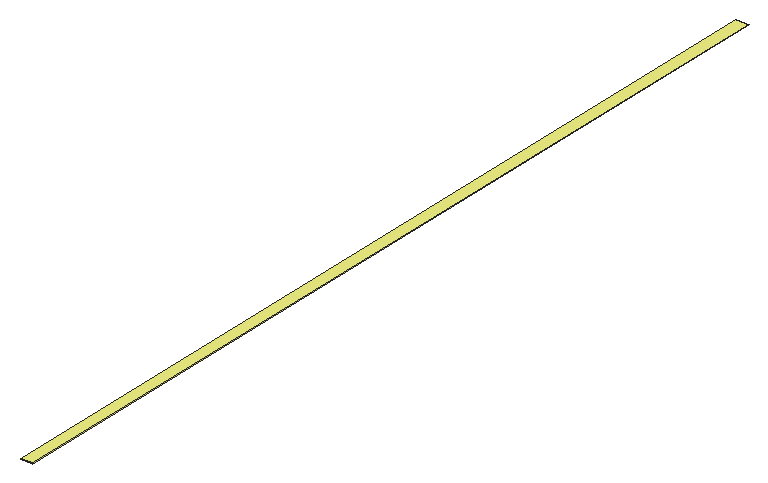
Revit family
Parameters (values of type "5490mm")
  Stripe Length [instance] = 5490.00 mm
Reference planes
  plane 1: z = 0
  plane 2 "Center (Left/Right)": x = 1264.962
  plane 3 "Center (Front/Back)": y = 859.225
Forms (mm)
  Extrusion 1, solid, material "Parking Stripe"
    sketch origin (0, 0, 0) x (1, 0, 0) y (0, 1, 0)
      loop
        line (1226.862, 859.225) -> (1226.862, -4630.775) -> (1303.062, -4630.775) -> (1303.062, 859.225) -> (1226.862, 859.225)
    from 0 to 1.59
Lines and regions (mm)
  symbolic lines, style "Pavement Stripe Layout", detail levels coarse+medium
    curve 1: line (1264.962, -4627.175, 0) -> (1264.962, 859.225, 0)
Dimensions and locks
  "Stripe Length": Extrusion 1 sketch curve to plane 3 "Center (Front/Back)"
Automatic sketch dimensions
  Extrusion 1 sketch curve to plane 3 "Center (Front/Back)" = 0.00 mm
  Extrusion 1 sketch curve to plane 2 "Center (Left/Right)" = 38.10 mm
  plane 2 "Center (Left/Right)" to Extrusion 1 sketch curve = 38.10 mm
  curve 1 to plane 2 "Center (Left/Right)" = 0.00 mm
  curve 1 to plane 3 "Center (Front/Back)" = 0.00 mm
  plane 3 "Center (Front/Back)" to curve 1 = 5486.40 mm
